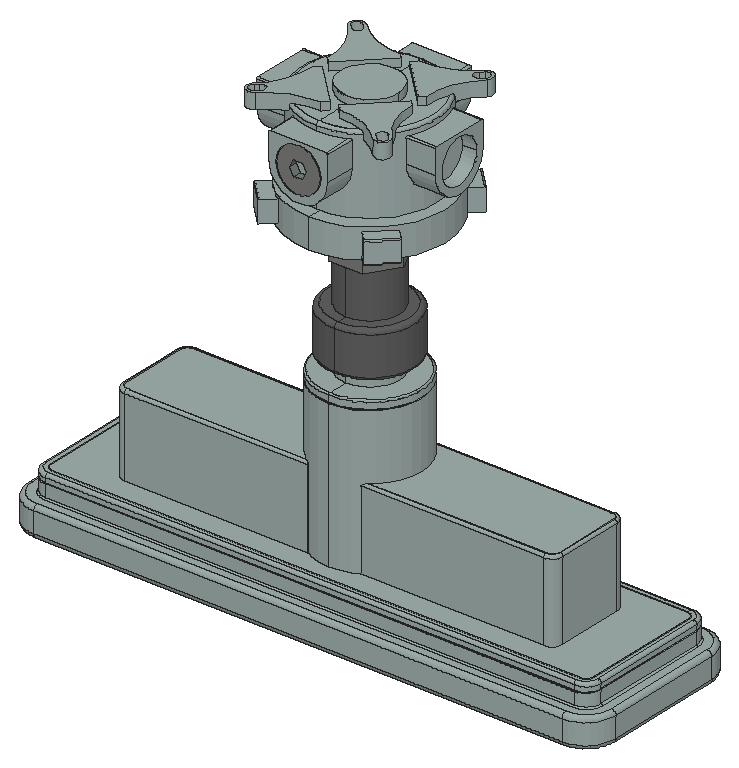
Revit family "EGLL2040-129A^22", category 照明器具, Revit 2020
Family settings
  丸型コネクタ寸法 = 直径を使用
  パーツ タイプ = 標準
  作業面ベース = はい
  常に垂直 = いいえ
  ロード時にボイドで切り取り = いいえ
  光源 = いいえ
  共有 = いいえ
  部屋計算ポイント = はい
Parameters
  既定の高さ = 1219.2 mm
  電源種別_記号 = "AC"
  電源種別 = "一般"
  製造元 = "伊東電機株式会社(ITO DENKI CO.,LTD.)"
  製品質量 = 6.60 kg
  色温度 = "5000"
  形式2 = ""
  形式1 = "直付形"
  平均演色評価数(Ra) = 83
  定格消費電力（200V時最大） = 0 W
  定格消費電力（200V時平均） = 36 W
  定格光束(lm) = 6020 lm
  呼称 = ""
  仕上色 = マンセル7.5BG6/1.5
  光源寿命 = "60000"
  仕様 = ""
  ランプの種類 = "LED"
  カタログ番号 = "HS001107"
  Width = 0 mm
  Height = 0 mm
  Depth = 0 mm
  Clearance Top = 0 mm
  Clearance Right = 0 mm
  Clearance Left = 0 mm
  Clearance Front = 0 mm
  Clearance Bottom = 0 mm
  Clearance Back = 0 mm
Reference planes
  plane 1 "中心(正面/背面)": y = 0
  plane 2: z = 0
  plane 3 "中心(左/右)": x = 0
  plane 4: x = 199
  plane 5: x = -199
  plane 6: z = 314
  plane 7: z = 287
  plane 8: y = -60.5
  plane 9: y = 60.5
  plane 10: z = 234.333
  plane 11: y = -30
  plane 12: y = 30
  plane 13: x = 10
  plane 14: x = -10
  plane 15: y = 28
  plane 16: y = -28
  plane 17: x = -147
  plane 18: x = 147
Forms (mm)
  Extrusion 1, solid, material "強化ガラスt5"
    sketch origin (0, 0, 0) x (1, 0, 0) y (0, 1, 0)
      loop
        arc (-179, 50.5) -> (-186.071, 47.571) -> (-189, 40.5) r 10
        line (-189, 40.5) -> (-189, -40.5)
        arc (-189, -40.5) -> (-186.071, -47.571) -> (-179, -50.5) r 10
        line (-179, -50.5) -> (179, -50.5)
        arc (179, -50.5) -> (186.071, -47.571) -> (189, -40.5) r 10
        line (189, -40.5) -> (189, 40.5)
        arc (189, 40.5) -> (186.071, 47.571) -> (179, 50.5) r 10
        line (179, 50.5) -> (-179, 50.5)
    from 0 to 5
  Sweep 2, solid, material "マンセル7.5BG6/1.5" <- "仕上色"
    path origin (0, 0, 0) x (1, 0, 0) y (0, 1, 0)
      loop
        arc (-179, 60.5) -> (-193.142, 54.642) -> (-199, 40.5) r 20
        line (-199, 40.5) -> (-199, -40.5)
        arc (-199, -40.5) -> (-193.142, -54.642) -> (-179, -60.5) r 20
        line (-179, -60.5) -> (179, -60.5)
        arc (179, -60.5) -> (193.142, -54.642) -> (199, -40.5) r 20
        line (199, -40.5) -> (199, 40.5)
        arc (199, 40.5) -> (193.142, 54.642) -> (179, 60.5) r 20
        line (179, 60.5) -> (-179, 60.5)
    profile origin (0, 60.5, 0) x (0, 1, 0) y (0, 0, 1)
      loop
        arc (-3, 0) -> (-0.879, 0.879) -> (0, 3) r 3
        line (0, 3) -> (0, 17)
        arc (0, 17) -> (-0.879, 19.121) -> (-3, 20) r 3
        line (-3, 20) -> (-9, 20)
        arc (-9, 20) -> (-9.707, 20.293) -> (-10, 21) r 1
        line (-10, 21) -> (-10, 29) -> (-11, 29) -> (-11, 30) -> (-10, 30) -> (-10, 32.964)
        arc (-10, 32.964) -> (-10.596, 34.404) -> (-12.036, 35) r 2.036
        line (-12.036, 35) -> (-15, 35) -> (-15, 5) -> (-10, 5) -> (-10, 0) -> (-3, 0)
  Extrusion 3, solid, material "マンセル7.5BG6/1.5" <- "仕上色"
    sketch origin (0, 0, 0) x (1, 0, 0) y (0, 1, 0)
      loop
        arc (-179, 45.5) -> (-182.536, 44.036) -> (-184, 40.5) r 5
        line (-184, 40.5) -> (-184, -40.5)
        arc (-184, -40.5) -> (-182.536, -44.036) -> (-179, -45.5) r 5
        line (-179, -45.5) -> (179, -45.5)
        arc (179, -45.5) -> (182.536, -44.036) -> (184, -40.5) r 5
        line (184, -40.5) -> (184, 40.5)
        arc (184, 40.5) -> (182.536, 44.036) -> (179, 45.5) r 5
        line (179, 45.5) -> (-179, 45.5)
    from 30 to 35
  Revolve 4, solid, material "マンセル7.5BG6/1.5" <- "仕上色"
    sketch origin (0, 0, 0) x (0, 1, 0) y (0, 0, 1)
      loop
        line (0, 234.333) -> (0, 35) -> (35, 35) -> (35, 134) -> (34.2, 134) -> (34.2, 135) -> (35, 135) -> (35, 139)
        arc (35, 139) -> (34.707, 139.707) -> (34, 140) r 1
        line (34, 140) -> (20, 140) -> (20, 163.833) -> (15, 163.833) -> (15, 234.333) -> (0, 234.333)
      axis (0, 35) -> (0, 234.333)
    angle from 0 to 360
  Extrusion 5, solid, material "マンセル7.5BG6/1.5" <- "仕上色"
    sketch origin (0, 0, 0) x (1, 0, 0) y (0, 1, 0)
      loop
        line (18.028, 28) -> (18.028, -28) -> (142, -28)
        arc (142, -28) -> (145.536, -26.536) -> (147, -23) r 5
        line (147, -23) -> (147, 23)
        arc (147, 23) -> (145.536, 26.536) -> (142, 28) r 5
        line (142, 28) -> (18.028, 28)
      loop
        line (-18.028, 28) -> (-142, 28)
        arc (-142, 28) -> (-145.536, 26.536) -> (-147, 23) r 5
        line (-147, 23) -> (-147, -23)
        arc (-147, -23) -> (-145.536, -26.536) -> (-142, -28) r 5
        line (-142, -28) -> (-18.028, -28) -> (-18.028, 28)
    from 35 to 90
  Revolve 6, solid, material "橡膠、黑色"
    sketch origin (0, 0, -26.167) x (0, 1, 0) y (0, 0, 1)
      loop
        line (30, 177.167) -> (30, 203.167)
        arc (30, 203.167) -> (29.121, 205.288) -> (27, 206.167) r 3
        line (27, 206.167) -> (20, 206.167) -> (20, 236.167) -> (15, 236.167) -> (15, 201.167) -> (25, 201.167) -> (25, 176.167) -> (29, 176.167)
        arc (29, 176.167) -> (29.707, 176.46) -> (30, 177.167) r 1
      axis (0, 236.167) -> (0, 176.167)
    angle from 0 to 360
  Extrusion 7, solid, material "金屬"
    sketch origin (0, 0, -26.167) x (1, 0, 0) y (0, 1, 0)
      loop
        circle (0, 0) r 15
      loop
        line (-11.547, 20) -> (-23.094, 0) -> (-11.547, -20) -> (11.547, -20) -> (23.094, 0) -> (11.547, 20) -> (-11.547, 20)
    from 236.167 to 246.167
  Extrusion 8, solid, material "マンセル7.5BG6/1.5" <- "仕上色"
    sketch origin (0, 0, -10.707) x (1, 0, 0) y (0, 1, 0)
      loop
        circle (0, 0) r 15
      loop
        line (-11.547, 20) -> (-23.094, 0) -> (-11.547, -20) -> (11.547, -20) -> (23.094, 0) -> (11.547, 20) -> (-11.547, 20)
    from 230.707 to 245.04
  Revolve 9, solid, material "マンセル7.5BG6/1.5" <- "仕上色"
    sketch origin (0, 0, 0) x (0, 1, 0) y (0, 0, 1)
      loop
        line (0, 234.333) -> (40.322, 234.333) -> (40.322, 236.333) -> (41.322, 236.333) -> (41.322, 234.333) -> (51.322, 234.333) -> (51.322, 254.333) -> (30, 254.333) -> (30, 256.333) -> (45, 256.333) -> (45, 307)
        arc (45, 307) -> (44.414, 308.414) -> (43, 309) r 2
        line (43, 309) -> (0, 309) -> (0, 234.333)
      axis (0, 234.333) -> (0, 309)
    angle from 0 to 360
  Extrusion 10, solid, material "マンセル7.5BG6/1.5" <- "仕上色"
    sketch origin (0, 0, 0) x (-0.707107, 0.707107, 0) y (0, 0, 1)
      loop
        line (50.338, 251.833) -> (50.338, 236.833) -> (60, 236.833)
        arc (60, 236.833) -> (60.354, 236.98) -> (60.5, 237.333) r 0.5
        line (60.5, 237.333) -> (60.5, 251.333)
        arc (60.5, 251.333) -> (60.354, 251.687) -> (60, 251.833) r 0.5
        line (60, 251.833) -> (50.338, 251.833)
      loop
        line (-50.338, 251.833) -> (-60, 251.833)
        arc (-60, 251.833) -> (-60.354, 251.687) -> (-60.5, 251.333) r 0.5
        line (-60.5, 251.333) -> (-60.5, 237.333)
        arc (-60.5, 237.333) -> (-60.354, 236.98) -> (-60, 236.833) r 0.5
        line (-60, 236.833) -> (-50.338, 236.833) -> (-50.338, 251.833)
    from -10 to 10
  Extrusion 11, solid, material "マンセル7.5BG6/1.5" <- "仕上色"
    sketch origin (0, 0, 0) x (0.707107, 0.707107, 0) y (0, 0, 1)
      loop
        line (50.338, 251.833) -> (50.338, 236.833) -> (60, 236.833)
        arc (60, 236.833) -> (60.354, 236.98) -> (60.5, 237.333) r 0.5
        line (60.5, 237.333) -> (60.5, 251.333)
        arc (60.5, 251.333) -> (60.354, 251.687) -> (60, 251.833) r 0.5
        line (60, 251.833) -> (50.338, 251.833)
      loop
        line (-50.338, 251.833) -> (-60, 251.833)
        arc (-60, 251.833) -> (-60.354, 251.687) -> (-60.5, 251.333) r 0.5
        line (-60.5, 251.333) -> (-60.5, 237.333)
        arc (-60.5, 237.333) -> (-60.354, 236.98) -> (-60, 236.833) r 0.5
        line (-60, 236.833) -> (-50.338, 236.833) -> (-50.338, 251.833)
    from -10 to 10
  Extrusion 12, solid, material "マンセル7.5BG6/1.5" <- "仕上色"
    sketch origin (0, 0, 0) x (0, 1, 0) y (0, 0, -1)
      loop
        line (-20, -287) -> (-20, -303)
        arc (-20, -303) -> (-19.707, -303.707) -> (-19, -304) r 1
        line (-19, -304) -> (19, -304)
        arc (19, -304) -> (19.707, -303.707) -> (20, -303) r 1
        line (20, -303) -> (20, -287)
        arc (20, -287) -> (0, -267) -> (-20, -287) r 20
    from 40.311 to 60.5
  Extrusion 13, void
    sketch origin (0, 0, 0) x (0, 1, 0) y (0, 0, -1)
      loop
        circle (0, -287) r 15
    from 50.338 to 60.5
  Extrusion 14, solid, material "マンセル7.5BG6/1.5" <- "仕上色"
    sketch origin (0, 0, 0) x (1, 0, 0) y (0, 1, 0)
      loop
        arc (45.975, 41.025) -> (45.975, 45.975) -> (41.025, 45.975) r 3.5
        line (41.025, 45.975) -> (38.904, 43.854)
        arc (38.904, 43.854) -> (38.904, 38.904) -> (43.854, 38.904) r 3.5
        line (43.854, 38.904) -> (45.975, 41.025)
      loop
        arc (39.947, 47.053) -> (24.583, 36.897) -> (6.468, 33.574) r 46.051
        line (6.468, 33.574) -> (2.933, 30.038) -> (30.038, 2.933) -> (33.574, 6.468)
        arc (33.574, 6.468) -> (36.897, 24.583) -> (47.053, 39.947) r 46.051
        arc (47.053, 39.947) -> (47.053, 47.053) -> (39.947, 47.053) r 5.024
      loop
        line (-45.975, 41.025) -> (-43.854, 38.904)
        arc (-43.854, 38.904) -> (-38.904, 38.904) -> (-38.904, 43.854) r 3.5
        line (-38.904, 43.854) -> (-41.025, 45.975)
        arc (-41.025, 45.975) -> (-45.975, 45.975) -> (-45.975, 41.025) r 3.5
      loop
        arc (-39.947, 47.053) -> (-47.053, 47.053) -> (-47.053, 39.947) r 5.024
        arc (-47.053, 39.947) -> (-36.897, 24.583) -> (-33.574, 6.468) r 46.051
        line (-33.574, 6.468) -> (-30.038, 2.933) -> (-2.933, 30.038) -> (-6.468, 33.574)
        arc (-6.468, 33.574) -> (-24.583, 36.897) -> (-39.947, 47.053) r 46.051
      loop
        line (45.975, -41.025) -> (43.854, -38.904)
        arc (43.854, -38.904) -> (38.904, -38.904) -> (38.904, -43.854) r 3.5
        line (38.904, -43.854) -> (41.025, -45.975)
        arc (41.025, -45.975) -> (45.975, -45.975) -> (45.975, -41.025) r 3.5
      loop
        arc (39.947, -47.053) -> (47.053, -47.053) -> (47.053, -39.947) r 5.024
        arc (47.053, -39.947) -> (36.897, -24.583) -> (33.574, -6.468) r 46.051
        line (33.574, -6.468) -> (30.038, -2.933) -> (2.933, -30.038) -> (6.468, -33.574)
        arc (6.468, -33.574) -> (24.583, -36.897) -> (39.947, -47.053) r 46.051
      loop
        arc (-45.975, -41.025) -> (-45.975, -45.975) -> (-41.025, -45.975) r 3.5
        line (-41.025, -45.975) -> (-38.904, -43.854)
        arc (-38.904, -43.854) -> (-38.904, -38.904) -> (-43.854, -38.904) r 3.5
        line (-43.854, -38.904) -> (-45.975, -41.025)
      loop
        arc (-39.947, -47.053) -> (-24.583, -36.897) -> (-6.468, -33.574) r 46.051
        line (-6.468, -33.574) -> (-2.933, -30.038) -> (-30.038, -2.933) -> (-33.574, -6.468)
        arc (-33.574, -6.468) -> (-36.897, -24.583) -> (-47.053, -39.947) r 46.051
        arc (-47.053, -39.947) -> (-47.053, -47.053) -> (-39.947, -47.053) r 5.024
      loop
        circle (0, 0) r 19.483
    from 304 to 314
  Extrusion 15, solid, material "マンセル7.5BG6/1.5" <- "仕上色"
    sketch origin (0, 0, 0) x (0, 1, 0) y (0, 0, 1)
      loop
        arc (-20, 287) -> (0, 267) -> (20, 287) r 20
        line (20, 287) -> (20, 303)
        arc (20, 303) -> (19.707, 303.707) -> (19, 304) r 1
        line (19, 304) -> (-19, 304)
        arc (-19, 304) -> (-19.707, 303.707) -> (-20, 303) r 1
        line (-20, 303) -> (-20, 287)
    from 40.311 to 60.5
  Extrusion 16, void
    sketch origin (0, 0, 0) x (0, 1, 0) y (0, 0, 1)
      loop
        circle (0, 287) r 15
    from 50.338 to 60.5
  Extrusion 17, solid, material "マンセル7.5BG6/1.5" <- "仕上色"
    sketch origin (0, 0, 0) x (1, 0, 0) y (0, 0, -1)
      loop
        line (-20, -287) -> (-20, -303)
        arc (-20, -303) -> (-19.707, -303.707) -> (-19, -304) r 1
        line (-19, -304) -> (19, -304)
        arc (19, -304) -> (19.707, -303.707) -> (20, -303) r 1
        line (20, -303) -> (20, -287)
        arc (20, -287) -> (0, -267) -> (-20, -287) r 20
    from 40.311 to 60.5
  Extrusion 18, void
    sketch origin (0, 0, 0) x (1, 0, 0) y (0, 0, -1)
      loop
        circle (0, -287) r 15
    from 50.338 to 60.5
  Extrusion 19, solid, material "マンセル7.5BG6/1.5" <- "仕上色"
    sketch origin (0, 0, 0) x (1, 0, 0) y (0, 0, 1)
      loop
        arc (-19.902, 287.01) -> (-13.992, 272.74) -> (0.278, 266.83) r 20.181
        arc (0.278, 266.83) -> (14.128, 272.275) -> (19.906, 285.99) r 19.166
        line (19.906, 285.99) -> (19.906, 303.011)
        arc (19.906, 303.011) -> (19.629, 303.678) -> (18.962, 303.955) r 0.944
        line (18.962, 303.955) -> (-18.96, 303.955)
        arc (-18.96, 303.955) -> (-19.626, 303.679) -> (-19.902, 303.012) r 0.943
        line (-19.902, 303.012) -> (-19.902, 287.01)
    from 40.311 to 60.5
  Extrusion 20, void
    sketch origin (0, 0, 0) x (1, 0, 0) y (0, 0, 1)
      loop
        circle (0, 287) r 15
    from 50.338 to 60.5
  Sweep 21, solid, material "マンセル7.5BG6/1.5" <- "仕上色"
    path origin (0, 0, 0) x (1, 0, 0) y (0, 1, 0)
      loop
        line (18.028, -28) -> (142, -28)
        arc (142, -28) -> (145.536, -26.536) -> (147, -23) r 5
        line (147, -23) -> (147, 23)
        arc (147, 23) -> (145.536, 26.536) -> (142, 28) r 5
        line (142, 28) -> (18.028, 28)
    profile origin (80.014, -28, 0) x (0, 1, 0) y (0, 0, 1)
      loop
        line (0, 35) -> (0, 90)
        arc (0, 90) -> (-1.414, 89.414) -> (-2, 88) r 2
        line (-2, 88) -> (-2, 35) -> (0, 35)
  Sweep 22, solid, material "マンセル7.5BG6/1.5" <- "仕上色"
    path origin (0, 0, 0) x (-1, 0, 0) y (0, 1, 0)
      loop
        line (18.028, -28) -> (142, -28)
        arc (142, -28) -> (145.536, -26.536) -> (147, -23) r 5
        line (147, -23) -> (147, 23)
        arc (147, 23) -> (145.536, 26.536) -> (142, 28) r 5
        line (142, 28) -> (18.028, 28)
    profile origin (-80.014, -28, 0) x (0, -1, 0) y (0, 0, 1)
      loop
        line (0, 35) -> (2, 35) -> (2, 88)
        arc (2, 88) -> (1.414, 89.414) -> (0, 90) r 2
        line (0, 90) -> (0, 35)
  Extrusion 23, solid, material "金屬"
    sketch origin (0, 0, 0) x (1, 0, 0) y (0, 0, 1)
      loop
        circle (0, 287) r 15
      loop
        line (-2.887, 292) -> (-5.774, 287) -> (-2.887, 282) -> (2.887, 282) -> (5.774, 287) -> (2.887, 292) -> (-2.887, 292)
    from 55.681 to 60.5
Cuts and joins
  Extrusion 13 cuts Revolve 9
  Extrusion 13 cuts Extrusion 10
  Extrusion 13 cuts Extrusion 11
  joined: Revolve 9, Extrusion 10, Extrusion 11
  Extrusion 13, Extrusion 16, Extrusion 18 cuts Extrusion 12
  Extrusion 16, Extrusion 20 cuts Extrusion 15
  Extrusion 18 cuts Extrusion 17
  Extrusion 20 cuts Extrusion 19
Dimensions and locks
  plane 8 to plane 1 "中心(正面/背面)" to plane 9 = 60.5 mm, 60.5 mm
  plane 8 to plane 9 = 121 mm
  equal spacing: plane 4, plane 3 "中心(左/右)", plane 5
  plane 4 to plane 5 = 398 mm
  plane 6 to plane 7 = 27 mm
  locked: plane 6 to level at 314
  aligned and locked: level to plane 2
Automatic sketch dimensions
  plane 5 to Extrusion 1 sketch curve = 10 mm
  Extrusion 1 sketch curve to Extrusion 1 sketch curve = 10 mm  (x2)
  Extrusion 1 sketch curve to plane 4 = 20 mm  (x2)
  plane 11 to Extrusion 1 sketch curve = 10.5 mm
  Extrusion 1 sketch curve to plane 4 = 10 mm
  Extrusion 1 sketch curve to plane 12 = 10.5 mm
  Sweep 2 sketch curve to plane 5 = 0 mm
  plane 8 to Sweep 2 sketch curve = 0 mm
  plane 9 to Sweep 2 sketch curve = 0 mm
  Sweep 2 sketch curve to plane 4 = 0 mm
  plane 5 to Sweep 2 sketch curve = 20 mm  (x2)
  plane 11 to Sweep 2 sketch curve = 10.5 mm
  Sweep 2 sketch curve to plane 4 = 20 mm
  Sweep 2 sketch curve to level = 0 mm
  Sweep 2 sketch curve to profile plane = 0 mm
  profile plane to Sweep 2 sketch curve = 3 mm
  Sweep 2 sketch curve to Sweep 2 sketch curve = 3 mm
  Sweep 2 sketch curve to Sweep 2 sketch curve = 6 mm
  Sweep 2 sketch curve to Sweep 2 sketch curve = 7 mm
  Sweep 2 sketch curve to Sweep 2 sketch curve = 1 mm  (x3)
  Sweep 2 sketch curve to Sweep 2 sketch curve = 0 mm
  Sweep 2 sketch curve to Sweep 2 sketch curve = 2.036 mm
  Sweep 2 sketch curve to Sweep 2 sketch curve = 2.964 mm  (x2)
  level to Sweep 2 sketch curve = 5 mm
  Sweep 2 sketch curve to Sweep 2 sketch curve = 12 mm
  Sweep 2 sketch curve to Sweep 2 sketch curve = 8 mm
  plane 5 to Extrusion 3 sketch curve = 15 mm
  Extrusion 3 sketch curve to Extrusion 3 sketch curve = 5 mm  (x3)
  Extrusion 3 sketch curve to plane 4 = 20 mm  (x2)
  plane 11 to Extrusion 3 sketch curve = 10.5 mm
  Extrusion 3 sketch curve to plane 12 = 10.5 mm
  Revolve 4 sketch curve to plane 1 "中心(正面/背面)" = 0 mm  (x2)
  Revolve 4 sketch curve to plane 10 = 0 mm
  Revolve 4 sketch curve to plane 1 "中心(正面/背面)" = 15 mm
  Revolve 4 sketch curve to Revolve 4 sketch curve = 5 mm
  Revolve 4 sketch curve to plane 12 = 4 mm
  Revolve 4 sketch curve to Revolve 4 sketch curve = 0.8 mm  (x2)
  Revolve 4 sketch curve to plane 12 = 5 mm
  Revolve 4 sketch curve to Revolve 4 sketch curve = 4 mm
  Revolve 4 sketch curve to Revolve 4 sketch curve = 1 mm
  level to Revolve 4 sketch curve = 35 mm
  plane 10 to Revolve 4 sketch curve = 20 mm
  Revolve 4 sketch curve to Revolve 4 sketch curve = 10 mm
  Extrusion 5 sketch curve to plane 17 = 0 mm
  plane 16 to Extrusion 5 sketch curve = 0 mm  (x2)
  plane 15 to Extrusion 5 sketch curve = 0 mm  (x2)
  Extrusion 5 sketch curve to plane 18 = 0 mm
  plane 15 to Extrusion 5 sketch curve = 5 mm  (x2)
  Extrusion 5 sketch curve to plane 16 = 5 mm  (x2)
  Extrusion 5 sketch curve to plane 14 = 8.028 mm
  plane 13 to Extrusion 5 sketch curve = 8.028 mm
  Revolve 6 sketch curve to plane 1 "中心(正面/背面)" = 0 mm
  Revolve 6 sketch curve to plane 12 = 0 mm
  Revolve 6 sketch curve to plane 1 "中心(正面/背面)" = 15 mm
  Revolve 6 sketch curve to Revolve 6 sketch curve = 5 mm  (x2)
  plane 12 to Revolve 6 sketch curve = 5 mm
  Revolve 6 sketch curve to Revolve 6 sketch curve = 2 mm  (x2)
  plane 12 to Revolve 6 sketch curve = 1 mm
  plane 1 "中心(正面/背面)" to Extrusion 7 sketch curve = 0 mm  (x3)
  Extrusion 7 sketch curve to plane 3 "中心(左/右)" = 0 mm
  Extrusion 7 sketch curve to plane 14 = 1.547 mm  (x2)
  Extrusion 7 sketch curve to plane 14 = 13.094 mm
  plane 13 to Extrusion 7 sketch curve = 1.547 mm  (x2)
  plane 13 to Extrusion 7 sketch curve = 13.094 mm
  Extrusion 7 sketch curve to plane 11 = 10 mm
  plane 12 to Extrusion 7 sketch curve = 10 mm
  plane 1 "中心(正面/背面)" to Extrusion 8 sketch curve = 0 mm  (x3)
  Extrusion 8 sketch curve to plane 3 "中心(左/右)" = 0 mm
  Extrusion 8 sketch curve to plane 14 = 1.547 mm  (x2)
  Extrusion 8 sketch curve to plane 14 = 13.094 mm
  plane 13 to Extrusion 8 sketch curve = 1.547 mm  (x2)
  plane 13 to Extrusion 8 sketch curve = 13.094 mm
  Extrusion 8 sketch curve to plane 11 = 10 mm
  plane 12 to Extrusion 8 sketch curve = 10 mm
  Revolve 9 sketch curve to plane 1 "中心(正面/背面)" = 0 mm  (x2)
  Revolve 9 sketch curve to plane 12 = 0 mm
  Revolve 9 sketch curve to plane 10 = 0 mm  (x2)
  Revolve 9 sketch curve to plane 12 = 10.322 mm
  Revolve 9 sketch curve to Revolve 9 sketch curve = 1 mm
  Revolve 9 sketch curve to plane 12 = 13 mm
  Revolve 9 sketch curve to plane 12 = 15 mm
  plane 9 to Revolve 9 sketch curve = 9.178 mm
  plane 10 to Revolve 9 sketch curve = 2 mm
  plane 10 to Revolve 9 sketch curve = 20 mm
  Revolve 9 sketch curve to Revolve 9 sketch curve = 2 mm
  Revolve 9 sketch curve to plane 6 = 7 mm
  plane 6 to Revolve 9 sketch curve = 10 mm
  Revolve 9 sketch curve to Revolve 9 sketch curve = 10 mm
  Extrusion 12 sketch curve to plane 7 = 0 mm
  Extrusion 12 sketch curve to plane 1 "中心(正面/背面)" = 0 mm
  Extrusion 12 sketch curve to plane 11 = 11 mm
  Extrusion 12 sketch curve to Extrusion 12 sketch curve = 1 mm  (x2)
  Extrusion 12 sketch curve to plane 6 = 11 mm
  Extrusion 13 sketch curve to plane 1 "中心(正面/背面)" = 0 mm
  Extrusion 13 sketch curve to plane 7 = 0 mm
  Extrusion 15 sketch curve to plane 7 = 0 mm
  Extrusion 15 sketch curve to plane 1 "中心(正面/背面)" = 0 mm
  Extrusion 15 sketch curve to plane 11 = 11 mm
  Extrusion 15 sketch curve to Extrusion 15 sketch curve = 1 mm  (x2)
  Extrusion 15 sketch curve to plane 6 = 11 mm
  Extrusion 16 sketch curve to plane 1 "中心(正面/背面)" = 0 mm
  Extrusion 16 sketch curve to plane 7 = 0 mm
  Extrusion 17 sketch curve to plane 7 = 0 mm
  Extrusion 17 sketch curve to plane 3 "中心(左/右)" = 0 mm
  Extrusion 17 sketch curve to plane 14 = 9 mm
  Extrusion 17 sketch curve to Extrusion 17 sketch curve = 1 mm  (x2)
  Extrusion 17 sketch curve to plane 6 = 11 mm
  Extrusion 18 sketch curve to plane 3 "中心(左/右)" = 0 mm
  Extrusion 18 sketch curve to plane 7 = 0 mm
  Extrusion 20 sketch curve to plane 3 "中心(左/右)" = 0 mm
  Extrusion 20 sketch curve to plane 7 = 0 mm
  Sweep 21 sketch curve to plane 11 = 7 mm
  Sweep 21 sketch curve to plane 4 = 57 mm
  plane 12 to Sweep 21 sketch curve = 2 mm
  Sweep 21 sketch curve to Sweep 21 sketch curve = 0 mm
  Sweep 21 sketch curve to Sweep 21 sketch curve = 5 mm
  plane 13 to Sweep 21 sketch curve = 8.028 mm  (x2)
  Sweep 21 sketch curve to profile plane = 0 mm
  profile plane to Sweep 21 sketch curve = 2 mm
  level to Sweep 21 sketch curve = 35 mm
  Sweep 21 sketch curve to Sweep 21 sketch curve = 53 mm
  plane 11 to Sweep 22 sketch curve = 7 mm
  Sweep 22 sketch curve to plane 5 = 57 mm
  Sweep 22 sketch curve to plane 12 = 2 mm
  Sweep 22 sketch curve to Sweep 22 sketch curve = 0 mm
  Sweep 22 sketch curve to Sweep 22 sketch curve = 5 mm
  plane 14 to Sweep 22 sketch curve = 8.028 mm  (x2)
  Sweep 22 sketch curve to profile plane = 0 mm
  Sweep 22 sketch curve to Sweep 22 sketch curve = 2 mm
  level to Sweep 22 sketch curve = 35 mm
  Sweep 22 sketch curve to Sweep 22 sketch curve = 53 mm
  Revolve 4 sketch curve to Revolve 4 sketch curve = 99 mm
  Revolve 4 sketch curve to Revolve 4 sketch curve = 23.833 mm
  Revolve 6 sketch curve to plane 10 = 84.333 mm
  Revolve 6 sketch curve to Revolve 6 sketch curve = 24 mm
  Revolve 6 sketch curve to plane 10 = 24.333 mm
  Revolve 6 sketch curve to Revolve 6 sketch curve = 6 mm
  Extrusion 23 sketch curve to plane 3 "中心(左/右)" = 0 mm
  Extrusion 23 sketch curve to plane 7 = 0 mm
  plane 10 to Extrusion 10 sketch curve = 17 mm
  Extrusion 10 sketch curve to Extrusion 10 sketch curve = 0.5 mm  (x3)
  plane 10 to Extrusion 10 sketch curve = 2.5 mm  (x2)
  Extrusion 10 sketch curve to Extrusion 10 sketch curve = 9.662 mm  (x3)
  plane 10 to Extrusion 10 sketch curve = 17.5 mm
  Extrusion 10 sketch curve to Extrusion 10 sketch curve = 100.676 mm
  plane 10 to Extrusion 11 sketch curve = 17 mm
  Extrusion 11 sketch curve to Extrusion 11 sketch curve = 0.5 mm  (x3)
  plane 10 to Extrusion 11 sketch curve = 2.5 mm  (x2)
  Extrusion 11 sketch curve to Extrusion 11 sketch curve = 9.662 mm  (x3)
  plane 10 to Extrusion 11 sketch curve = 17.5 mm
  Extrusion 11 sketch curve to Extrusion 11 sketch curve = 100.676 mm
  Extrusion 14 sketch curve to Extrusion 14 sketch curve = 0 mm  (x18)
  plane 1 "中心(正面/背面)" to Extrusion 14 sketch curve = 0 mm
  Extrusion 14 sketch curve to plane 3 "中心(左/右)" = 0 mm
  Extrusion 14 sketch curve to plane 12 = 0.038 mm  (x2)
  Extrusion 14 sketch curve to plane 3 "中心(左/右)" = 2.933 mm  (x2)
  plane 11 to Extrusion 14 sketch curve = 0.038 mm  (x2)
  plane 14 to Extrusion 14 sketch curve = 3.532 mm  (x2)
  plane 14 to Extrusion 14 sketch curve = 2.616 mm  (x2)
  Extrusion 14 sketch curve to plane 1 "中心(正面/背面)" = 2.933 mm  (x2)
  Extrusion 14 sketch curve to plane 14 = 20.038 mm
  plane 1 "中心(正面/背面)" to Extrusion 14 sketch curve = 2.933 mm  (x2)
  plane 1 "中心(正面/背面)" to Extrusion 14 sketch curve = 6.468 mm  (x2)
  Extrusion 14 sketch curve to plane 1 "中心(正面/背面)" = 6.468 mm  (x2)
  plane 11 to Extrusion 14 sketch curve = 13.854 mm  (x2)
  Extrusion 14 sketch curve to plane 14 = 28.904 mm  (x2)
  Extrusion 14 sketch curve to plane 12 = 13.854 mm  (x2)
  Extrusion 14 sketch curve to plane 8 = 14.525 mm  (x2)
  Extrusion 14 sketch curve to Extrusion 14 sketch curve = 2.121 mm  (x12)
  plane 9 to Extrusion 14 sketch curve = 14.525 mm  (x2)
  Extrusion 14 sketch curve to Extrusion 14 sketch curve = 2.475 mm  (x8)
  plane 11 to Extrusion 14 sketch curve = 8.904 mm  (x2)
  Extrusion 14 sketch curve to plane 12 = 8.904 mm  (x2)
  plane 11 to Extrusion 14 sketch curve = 11.025 mm  (x2)
  Extrusion 14 sketch curve to plane 12 = 11.025 mm  (x2)
  Extrusion 14 sketch curve to plane 1 "中心(正面/背面)" = 7.384 mm  (x2)
  Extrusion 14 sketch curve to Extrusion 14 sketch curve = 46.042 mm  (x2)
  plane 3 "中心(左/右)" to Extrusion 14 sketch curve = 2.933 mm  (x2)
  Extrusion 14 sketch curve to plane 13 = 3.532 mm  (x2)
  Extrusion 14 sketch curve to plane 13 = 2.616 mm  (x2)
  plane 13 to Extrusion 14 sketch curve = 20.038 mm
  plane 13 to Extrusion 14 sketch curve = 28.904 mm  (x2)
  plane 1 "中心(正面/背面)" to Extrusion 14 sketch curve = 7.384 mm  (x2)
  plane 8 to Extrusion 14 sketch curve = 19.116 mm
  Extrusion 14 sketch curve to plane 9 = 19.116 mm
  plane 7 to Extrusion 19 sketch curve = 0.01 mm
  plane 3 "中心(左/右)" to Extrusion 19 sketch curve = 0.278 mm
  Extrusion 19 sketch curve to plane 14 = 8.96 mm
  plane 3 "中心(左/右)" to Extrusion 19 sketch curve = 0.74 mm
  plane 13 to Extrusion 19 sketch curve = 8.962 mm
  Extrusion 19 sketch curve to Extrusion 19 sketch curve = 0.944 mm
  Extrusion 19 sketch curve to plane 7 = 1.01 mm
  Extrusion 19 sketch curve to plane 6 = 10.988 mm
  radius of Extrusion 7 sketch curve = 15 mm
  radius of Extrusion 8 sketch curve = 15 mm
  radius of Extrusion 13 sketch curve = 15 mm
  radius of Extrusion 16 sketch curve = 15 mm
  radius of Extrusion 18 sketch curve = 15 mm
  radius of Extrusion 20 sketch curve = 15 mm
  radius of Extrusion 23 sketch curve = 15 mm
  radius of Extrusion 14 sketch curve = 19.483 mm
Nested families
  nested 1: "EXICL1042ASA9-22_ies" at (0.001, -0.033, -1500.07), type "EXICL1042ASA9-22_ies"
Connectors
  electrical at (0, 0, 314)
    settings: on Extrusion 14, index 1, voltage 0 V, apparent load 0 VA, apparent load phase1 0 VA, apparent load phase2 0 VA, apparent load phase3 0 VA, power factor 1, load classification "其他", number of poles 1, system type 31, power factor state 1, is connector primary yes, connector utility no, sub classification motor no, connector description ""
Definition of nested family "EXICL1042ASA9-22_ies"
  Parameters (values of type "EXICL022SA9-0_ies")
    Default Elevation = 1219.2 mm
    Wattage = 22.4852 W
    built-in parameter 1150110 = 1 (stored number, unit not read)
    built-in parameter 1114217 = 1 (stored number, unit not read)
    built-in parameter 1150109 = 1 (stored number, unit not read)
    built-in parameter 1150134 = 2
    built-in parameter 1150113 = 1 (stored number, unit not read)
    Lumens = 3340 lm
    built-in parameter 1150115 = 1 (stored number, unit not read)
    built-in parameter 1150105 = 265.79 (stored number, unit not read)
    built-in parameter 1150137 = (empty or 0)
    built-in parameter 1150139 = (empty or 0)
    built-in parameter 1150112 = 1 (stored number, unit not read)
    built-in parameter 1150114 = 1 (stored number, unit not read)
    built-in parameter 1150132 = 2
    built-in parameter 1150102 = (empty or 0)
    built-in parameter 1150138 = (empty or 0)
    built-in parameter 1150107 = 5000 (stored number, unit not read)
    built-in parameter 1150106 = 2.6579 (stored number, unit not read)
    built-in parameter 1150104 = 13.8 (stored number, unit not read)
    Dimming Lamp Color Temperature Shift = (empty or 0)
    Color Filter = 16777215
    built-in parameter 1114218 = 1 (stored number, unit not read)
    built-in parameter 1150133 = 10 (stored number, unit not read)
    Photometric Web File = "EXICL022SA9(S)-0_LED.ies"
    Tilt Angle = 90.00°
  Reference planes
    plane 1 "光源軸(正面/背面)": y = 0
    plane 2: z = 0
    plane 3 "光源軸(左/右)": x = 0
    plane 4 "光源高さ": z = 1500
  Dimensions and locks
    aligned and locked: plane 3 "光源軸(左/右)" to imposter light
    aligned and locked: plane 1 "光源軸(正面/背面)" to imposter light
    aligned and locked: plane 4 "光源高さ" to imposter light
    aligned and locked: level to plane 2
